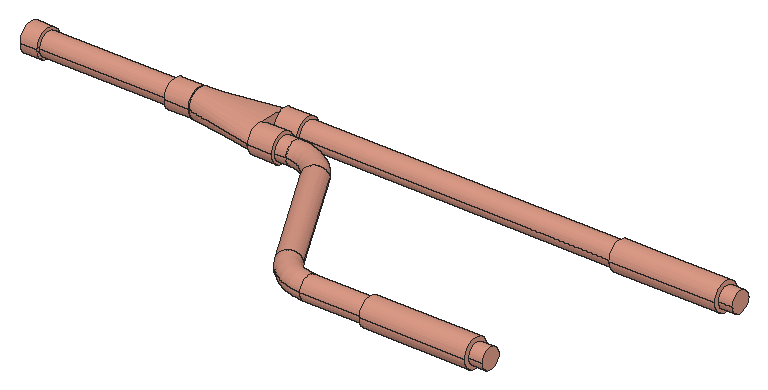
Revit family "outputfile", category 配管付属品, Revit 2024
Family settings
  丸型コネクタ寸法 = 半径を使用
  パーツ タイプ = 標準
  OmniClass 番号 = 23.65.55.00
  OmniClass タイトル = Distribution of Supplied Liquids/Gases
  作業面ベース = いいえ
  常に垂直 = はい
  ロード時にボイドで切り取り = いいえ
  共有 = いいえ
Parameters (values of type "BHRP26A22T")
  Description = ""
  製造元 = "Daikin"
  書き出し IFC クラス(タイプ) = "IfcPipeFittingType"
  定義済み IFC タイプ(タイプ) = "JUNCTION"
  Cost = 0
  Type Comments = ""
  Keynote = ""
  Type Image = (empty or 0)
  Assembly Code = ""
  mm⇔inch [instance] = yes
  l_InletPipe4 = 10.0 mm
  built-in parameter 1114242 [instance] = (empty or 0)
  Default Elevation = 0.0 mm
  モデル = "BHRP26A22T"
  table_StraightPipe [instance] = if(mm⇔inch, "Refnet Joint_BHRP26A-T_Liquid_StraightPipe", "Refnet Joint_BHRP26A-T_Liquid_StraightPipe_inch")  # "Refnet Joint_BHRP26A-T_Liquid_StraightPipe"
  table_BranchPipe [instance] = if(mm⇔inch, "Refnet Joint_BHRP26A-T_Liquid_BranchPipe", "Refnet Joint_BHRP26A-T_Liquid_BranchPipe_inch")  # "Refnet Joint_BHRP26A-T_Liquid_BranchPipe"
  table_Inlet [instance] = if(mm⇔inch, "Refnet Joint_BHRP26A-T_Liquid_Inlet", "Refnet Joint_BHRP26A-T_Liquid_Inlet_inch")  # "Refnet Joint_BHRP26A-T_Liquid_Inlet"
  switch_StraightPipe_Reducer [instance] = if(Is_StraightPipe Reducer = 1, 1 = 1, 1 = 0)  # no
  switch_StraightPipe3 [instance] = if(number_StraightPipe = 3, 1 = 1, 1 = 0)  # no
  switch_StraightPipe2 [instance] = if(number_StraightPipe < 2, 1 = 0, 1 = 1)  # yes
  switch_BranchPipe_Reducer [instance] = if(Is_BranchPipe Reducer = 1, 1 = 1, 1 = 0)  # no
  switch_BranchPipe3 [instance] = if(number_BranchPipe = 3, 1 = 1, 1 = 0)  # no
  switch_BranchPipe2 [instance] = if(number_BranchPipe < 2, 1 = 0, 1 = 1)  # yes
  switch_Inlet pipe_Reducer [instance] = if(Is_Inlet Reducer = 1, 1 = 1, 1 = 0)  # no
  switch_Inlet pipe3 [instance] = if(number_InletPipe = 3, 1 = 1, 1 = 0)  # no
  switch_Inlet pipe2 [instance] = if(number_InletPipe < 2, 1 = 0, 1 = 1)  # no
  Uniclass2015Version = "Products v1.31"
  Uniclass2015Title = "Copper pipe fittings"
  Uniclass2015Code = "Pr_65_52_63_18"
  URL = ""
  StraightPipe_Liquid_ActualDiameter [instance] = 6.4 mm
  Material_Piping = DAIKIN_Copper_Pipe
  Material_Insulation = DAIKIN_White_Insulation
  lw_Insulation [instance] = size_lookup(table_Inlet, "lw_Insulation", 38.0 mm, モデル)  # 38.0 mm
  Unit Type = "BHRP26A-T_Liquid"
  Tag No. [instance] = ""
  StraightPipe_Liquid_Status [instance] = size_lookup(table_StraightPipe, "Information", "The connected pipe size is not available.", モデル, StraightPipe_Liquid_ActualDiameter)  # "Default connector size is used."
  Link_Nested Family [instance] = ""
  Inlet_Liquid_Actual Diameter [instance] = 9.5 mm
  IfcVersion = ""
  IfcExportType = "JUNCTION"
  IfcExportAs = "IfcPipeFittingType"
  BranchPipe_Liquid_Status [instance] = size_lookup(table_BranchPipe, "Information", "The connected pipe size is not available.", モデル, BranchPipe_Liquid_ActualDiameter)  # "Default connector size is used."
  Inlet_Liquid_Status [instance] = size_lookup(table_Inlet, "Information", "The connected pipe size is not available.", モデル, Inlet_Liquid_Actual Diameter)  # "Default connector size is used."
  Series = "Refnet Joint"
  O.R_dividePipe_Inlet [instance] = (I.D_InletPipe1 + 2.0 mm) / 2  # 5.75 mm
  r_StraightPipe_Connector [instance] = StraightPipe_Liquid_ActualDiameter / 2  # 3.2 mm
  r_BranchPipe_Connector [instance] = BranchPipe_Liquid_ActualDiameter / 2  # 3.2 mm
  r_Inlet_Connector [instance] = Inlet_Liquid_Actual Diameter / 2  # 4.75 mm
  number_StraightPipe [instance] = size_lookup(table_StraightPipe, "pipeNumber", 2, モデル, StraightPipe_Liquid_ActualDiameter)  # 2
  number_BranchPipe [instance] = size_lookup(table_BranchPipe, "pipeNumber", 2, モデル, BranchPipe_Liquid_ActualDiameter)  # 2
  number_InletPipe [instance] = size_lookup(table_Inlet, "pipeNumber", 1, モデル, Inlet_Liquid_Actual Diameter)  # 1
  r_BranchPipeR [instance] = size_lookup(table_BranchPipe, "r_offsetPipeR", 18.0 mm, モデル, BranchPipe_Liquid_ActualDiameter)  # 18.0 mm
  l_BranchPipe_Straight2 [instance] = size_lookup(table_BranchPipe, "L_offsetPipe2", 25.5 mm, モデル)  # 25.5 mm
  l_BranchPipe_Straight1 [instance] = size_lookup(table_BranchPipe, "L_offsetPipe1", 5.0 mm, モデル)  # 5.0 mm
  l_BranchPipe connector [instance] = size_lookup(table_BranchPipe, "Length", 150.0 mm, モデル, BranchPipe_Liquid_ActualDiameter)  # 150.0 mm
  l_inlet connector [instance] = size_lookup(table_Inlet, "Length", 70.0 mm, モデル, Inlet_Liquid_Actual Diameter)  # 70.0 mm
  l_dividePipe [instance] = size_lookup(table_Inlet, "L_devidePipe", 30.0 mm, モデル)  # 30.0 mm
  l_StraightPipeReducer [instance] = size_lookup(table_StraightPipe, "L_Reducer", 80.0 mm, モデル, StraightPipe_Liquid_ActualDiameter)  # 80.0 mm
  l_StraightPipe3 [instance] = size_lookup(table_StraightPipe, "L_Pipe3", 2.0 mm, モデル)  # 2.0 mm
  l_StraightPipe2 [instance] = size_lookup(table_StraightPipe, "L_Pipe2", 6.0 mm, モデル)  # 6.0 mm
  l_StraightPipe1 [instance] = size_lookup(table_StraightPipe, "L_Pipe1", 44.0 mm, モデル)  # 44.0 mm
  l_StraightPipe0 [instance] = size_lookup(table_StraightPipe, "L_Pipe0", 130.0 mm, モデル)  # 130.0 mm
  l_StraightPipe connector [instance] = size_lookup(table_StraightPipe, "Length", 190.0 mm, モデル, StraightPipe_Liquid_ActualDiameter)  # 190.0 mm
  l_BranchPipe Reducer [instance] = size_lookup(table_BranchPipe, "L_Reducer", 50.0 mm, モデル, BranchPipe_Liquid_ActualDiameter)  # 50.0 mm
  l_BranchPipe3 [instance] = size_lookup(table_BranchPipe, "L_Pipe3", 2.0 mm, モデル)  # 2.0 mm
  l_BranchPipe2 [instance] = size_lookup(table_BranchPipe, "L_Pipe2", 6.0 mm, モデル)  # 6.0 mm
  l_BranchPipe1 [instance] = size_lookup(table_BranchPipe, "L_Pipe1", 44.0 mm, モデル)  # 44.0 mm
  l_BranchPipe0 [instance] = size_lookup(table_BranchPipe, "L_Pipe0", 90.0 mm, モデル)  # 90.0 mm
  l_InletReducer [instance] = size_lookup(table_Inlet, "L_Reducer", 80.0 mm, モデル, Inlet_Liquid_Actual Diameter)  # 80.0 mm
  l_InletPipe3 [instance] = size_lookup(table_Inlet, "L_Pipe3", 2.0 mm, モデル)  # 2.0 mm
  l_InletPipe2 [instance] = size_lookup(table_Inlet, "L_Pipe2", 2.0 mm, モデル)  # 2.0 mm
  l_InletPipe1 [instance] = size_lookup(table_Inlet, "L_Pipe1", 7.0 mm, モデル)  # 7.0 mm
  l_InletPipe0 [instance] = size_lookup(table_Inlet, "L_Pipe0", 53.0 mm, モデル)  # 53.0 mm
  center_StraightPipe [instance] = size_lookup(table_StraightPipe, "center_Pipe", 6.5 mm, モデル)  # 6.5 mm
  center_BranchPipe2 [instance] = size_lookup(table_BranchPipe, "center_OffsetPipe", 73.5 mm, モデル)  # 73.5 mm
  center_BranchPipe1 [instance] = size_lookup(table_BranchPipe, "center_Pipe", 6.5 mm, モデル)  # 6.5 mm
  StraightPipe_Liquid_AvailableDiameter [instance] = size_lookup(table_StraightPipe, "sizeVariation", "", モデル)  # "6.4/9.5mm"
  BranchPipe_Liquid_AvailableDiameter [instance] = size_lookup(table_BranchPipe, "sizeVariation", "", モデル)  # "6.4/9.5mm"
  Inlet_Liquid_Available Diameter [instance] = size_lookup(table_Inlet, "sizeVariation", "", モデル)  # "9.5mm"
  O.D_StraightPipe Reducer [instance] = size_lookup(table_StraightPipe, "O.D_reducer", 2.0 mm, モデル, StraightPipe_Liquid_ActualDiameter)  # 2.0 mm
  O.D_Offset Outlet Reducer [instance] = size_lookup(table_BranchPipe, "O.D_reducer", 2.0 mm, モデル, BranchPipe_Liquid_ActualDiameter)  # 2.0 mm
  O.D_Inlet Reducer [instance] = size_lookup(table_Inlet, "O.D_reducer", 2.0 mm, モデル, Inlet_Liquid_Actual Diameter)  # 2.0 mm
  Is_StraightPipe Reducer [instance] = size_lookup(table_StraightPipe, "IsReducer", 0, モデル, StraightPipe_Liquid_ActualDiameter)  # 0
  Is_BranchPipe Reducer [instance] = size_lookup(table_BranchPipe, "IsReducer", 0, モデル, BranchPipe_Liquid_ActualDiameter)  # 0
  Is_Inlet Reducer [instance] = size_lookup(table_Inlet, "IsReducer", 0, モデル, Inlet_Liquid_Actual Diameter)  # 0
  BranchPipe_Liquid_ActualDiameter [instance] = 6.4 mm
  Attach_Insulation [instance] = no
  I.D_StraightPipe3 [instance] = size_lookup(table_StraightPipe, "I.D_PipeSize3", 2.0 mm, モデル)  # 2.0 mm
  I.D_StraightPipe2 [instance] = size_lookup(table_StraightPipe, "I.D_PipeSize2", 6.4 mm, モデル)  # 6.4 mm
  I.D_StraightPipe1 [instance] = size_lookup(table_StraightPipe, "I.D_PipeSize1", 9.5 mm, モデル)  # 9.5 mm
  I.D_StraightPipe0 [instance] = size_lookup(table_StraightPipe, "I.D_PipeSize0", 7.5 mm, モデル)  # 7.5 mm
  I.D_BranchPipe3 [instance] = size_lookup(table_BranchPipe, "I.D_PipeSize3", 2.0 mm, モデル)  # 2.0 mm
  I.D_BranchPipe2 [instance] = size_lookup(table_BranchPipe, "I.D_PipeSize2", 6.4 mm, モデル)  # 6.4 mm
  I.D_BranchPipe1 [instance] = size_lookup(table_BranchPipe, "I.D_PipeSize1", 9.5 mm, モデル)  # 9.5 mm
  I.D_BranchPipe0 [instance] = size_lookup(table_BranchPipe, "I.D_PipeSize0", 7.5 mm, モデル)  # 7.5 mm
  I.D_Straight Reducer [instance] = size_lookup(table_StraightPipe, "I.D_reducer", 2.0 mm, モデル, StraightPipe_Liquid_ActualDiameter)  # 2.0 mm
  I.D_OutletPipe [instance] = size_lookup(table_Inlet, "I.D_OutletPipeSize", 9.6 mm, モデル, Inlet_Liquid_Actual Diameter)  # 9.6 mm
  I.D_Branch Reducer [instance] = size_lookup(table_BranchPipe, "I.D_reducer", 2.0 mm, モデル, BranchPipe_Liquid_ActualDiameter)  # 2.0 mm
  I.D_Inlet Reducer [instance] = size_lookup(table_Inlet, "I.D_reducer", 2.0 mm, モデル, Inlet_Liquid_Actual Diameter)  # 2.0 mm
  I.D_InletPipe3 [instance] = size_lookup(table_Inlet, "I.D_PipeSize3", 2.0 mm, モデル)  # 2.0 mm
  I.D_InletPipe2 [instance] = size_lookup(table_Inlet, "I.D_PipeSize2", 2.0 mm, モデル)  # 2.0 mm
  I.D_InletPipe1 [instance] = size_lookup(table_Inlet, "I.D_PipeSize1", 9.5 mm, モデル)  # 9.5 mm
  I.D_InletPipe0 [instance] = size_lookup(table_Inlet, "I.D_PipeSize0", 7.5 mm, モデル)  # 7.5 mm
Reference planes
  plane 1 "Center (Front/Back)": y = 0
  plane 2: z = 0
  plane 3 "base_left": x = 0
  plane 4: x = 2
  plane 5: x = 4
  plane 6: x = 11
  plane 7: x = 64
  plane 8: x = 74
  plane 9: x = 104
  plane 10: x = 114
  plane 11 "center_straight outlet": y = 6.5
  plane 12 "center2_offset outlet": y = -73.5
  plane 13 "center1_offset outlet": y = -6.5
  plane 14: x = 244
  plane 15: x = 288
  plane 16: x = 294
  plane 17: x = 204
  plane 18: x = 248
  plane 19: x = 254
  plane 20: x = 296
  plane 21: x = 256
  plane 22 "Reducer_straightoutlet": x = 254
  plane 23: x = 294
  plane 24: y = -12.25
  plane 25: z = 5.75
  plane 26 "Inlet_connector": x = 4
  plane 27 "Left_Insulation": x = 36
Forms (mm)
  SweptBlend 1, solid, material "DAIKIN_Copper_Pipe" <- "Material_Piping"
    path origin (0, 0, 0) x (1, 0, 0) y (0, 1, 0)
      loop
        line (74, 0) -> (104, 0)
    profile origin (74, 0, 0) x (0, 1, 0) y (0, 0, 1)
      loop
        circle (0, 0) r 5.75
    end profile origin (104, 0, 0) x (0, 1, 0) y (0, 0, 1)
      loop
        spline (-12.25, 0) -> (-11.833, -1.488) -> (-10.609, -2.875) -> (-8.662, -4.066) -> (-6.125, -4.98) -> (-3.171, -5.554) -> (0, -5.75) -> (3.171, -5.554) -> (6.125, -4.98) -> (8.662, -4.066) -> (10.609, -2.875) -> (11.833, -1.488) -> (12.25, 0)
        spline (12.25, 0) -> (11.833, 1.488) -> (10.609, 2.875) -> (8.662, 4.066) -> (6.125, 4.98) -> (3.171, 5.554) -> (0, 5.75) -> (-3.171, 5.554) -> (-6.125, 4.98) -> (-8.662, 4.066) -> (-10.609, 2.875) -> (-11.833, 1.488) -> (-12.25, 0)
Dimensions and locks
  "l_InletPipe3": plane 3 "base_left" to plane 4
  "l_InletPipe2": plane 4 to plane 5
  "l_InletPipe1": plane 5 to plane 6
  "l_InletPipe0": plane 6 to plane 7
  "l_InletPipe4": plane 7 to plane 8
  "center_StraightPipe": plane 1 "Center (Front/Back)" to plane 11 "center_straight outlet"
  "center_BranchPipe2": plane 12 "center2_offset outlet" to plane 1 "Center (Front/Back)"
  "center_BranchPipe1": plane 13 "center1_offset outlet" to plane 1 "Center (Front/Back)"
  "l_dividePipe": plane 8 to plane 9
  plane 9 to plane 10 = 10.0 mm
  "l_StraightPipe0": plane 10 to plane 14
  "l_BranchPipe0": plane 10 to plane 17
  "l_BranchPipe1": plane 17 to plane 18
  "l_BranchPipe2": plane 18 to plane 19
  "l_StraightPipe1": plane 14 to plane 15
  "l_StraightPipe2": plane 15 to plane 16
  "l_StraightPipe3": plane 16 to plane 20
  "l_BranchPipe3": plane 19 to plane 21
  "l_BranchPipe connector": plane 9 to plane 22 "Reducer_straightoutlet"
  "l_StraightPipe connector": plane 9 to plane 23
  "O.R_dividePipe_Inlet": plane 24 to plane 13 "center1_offset outlet"
  "O.R_dividePipe_Inlet": plane 25 to plane 2
  "l_inlet connector": plane 26 "Inlet_connector" to plane 8
  "lw_Insulation": plane 27 "Left_Insulation" to plane 8
  "O.R_dividePipe_Inlet": radius of SweptBlend 1 sketch curve
  aligned and locked: level to plane 2
  aligned and locked: plane 2 to nested 1
  aligned and locked: plane 3 "base_left" to nested 1
  aligned and locked: plane 1 "Center (Front/Back)" to nested 1
  aligned and locked: plane 4 to nested 2
  aligned and locked: plane 1 "Center (Front/Back)" to nested 2
  aligned and locked: plane 5 to nested 2
  aligned and locked: plane 5 to nested 3
  aligned and locked: plane 6 to nested 3
  aligned and locked: plane 6 to nested 4
  aligned and locked: nested 4 to plane 7
  aligned and locked: nested 5 to plane 7
  aligned and locked: nested 5 to plane 8
  aligned and locked: plane 8 to SweptBlend 1 sketch curve
  aligned and locked: plane 9 to SweptBlend 1 sketch curve
  aligned and locked: plane 2 to SweptBlend 1 sketch curve  (x2)
  aligned and locked: plane 1 "Center (Front/Back)" to SweptBlend 1 sketch curve  (x2)
  aligned and locked: nested 6 to plane 9
  aligned and locked: nested 7 to plane 9
  aligned and locked: nested 6 to plane 11 "center_straight outlet"
  aligned and locked: nested 7 to plane 13 "center1_offset outlet"
  aligned and locked: nested 7 to plane 10
  aligned and locked: nested 6 to plane 10
  aligned and locked: nested 8 to plane 10
  aligned and locked: plane 14 to nested 8
  aligned and locked: nested 8 to plane 11 "center_straight outlet"
  aligned and locked: plane 14 to nested 9
  aligned and locked: nested 9 to plane 11 "center_straight outlet"
  aligned and locked: plane 15 to nested 9
  aligned and locked: nested 10 to plane 11 "center_straight outlet"
  aligned and locked: plane 15 to nested 10
  aligned and locked: plane 16 to nested 10
  aligned and locked: nested 11 to plane 12 "center2_offset outlet"
  aligned and locked: plane 17 to nested 11
  aligned and locked: plane 18 to nested 11
  aligned and locked: nested 12 to plane 12 "center2_offset outlet"
  aligned and locked: plane 18 to nested 12
  aligned and locked: plane 19 to nested 12
  aligned and locked: nested 13 to plane 10
  aligned and locked: nested 13 to plane 13 "center1_offset outlet"
  aligned and locked: nested 13 to plane 12 "center2_offset outlet"
  aligned and locked: plane 8 to nested 14
  aligned and locked: plane 1 "Center (Front/Back)" to nested 14
  aligned and locked: plane 11 "center_straight outlet" to nested 15
  aligned and locked: nested 15 to plane 9
  aligned and locked: nested 16 to plane 9
  aligned and locked: plane 12 "center2_offset outlet" to nested 16
  aligned and locked: nested 17 to plane 1 "Center (Front/Back)"
  aligned and locked: plane 16 to nested 18
  aligned and locked: plane 20 to nested 18
  aligned and locked: plane 19 to nested 19
  aligned and locked: plane 21 to nested 19
  aligned and locked: nested 20 to plane 12 "center2_offset outlet"
  aligned and locked: plane 23 to nested 21
  aligned and locked: nested 21 to plane 11 "center_straight outlet"
  aligned and locked: plane 4 to nested 1
  aligned and locked: plane 24 to SweptBlend 1 sketch curve
  aligned and locked: plane 25 to SweptBlend 1 sketch curve
  aligned and locked: nested 19 to plane 12 "center2_offset outlet"
  aligned and locked: nested 18 to plane 11 "center_straight outlet"
  aligned and locked: nested 17 to plane 26 "Inlet_connector"
  aligned and locked: plane 22 "Reducer_straightoutlet" to nested 20
  aligned and locked: plane 27 "Left_Insulation" to nested 22
  aligned and locked: plane 1 "Center (Front/Back)" to nested 22
Automatic sketch dimensions
  plane 1 "Center (Front/Back)" to SweptBlend 1 sketch curve = 0.0 mm
Nested families
  nested 1: "daikin_Pipe" at (1, 0, 0), I.D_Pipe <- "I.D_InletPipe3", display <- "switch_Inlet pipe3", type "*"
    with length_Pipe 2.0 mm, display no, O.D_Pipe 4.0 mm, I.D_Pipe 2.0 mm
  nested 2: "daikin_Pipe" at (3, 0, 0), I.D_Pipe <- "I.D_InletPipe2", display <- "switch_Inlet pipe2", type "*"
    with length_Pipe 2.0 mm, display no, O.D_Pipe 4.0 mm, I.D_Pipe 2.0 mm
  nested 3: "daikin_Pipe" at (7.5, 0, 0), I.D_Pipe <- "I.D_InletPipe1", type "*"
    with length_Pipe 7.0 mm, display yes, O.D_Pipe 11.5 mm, I.D_Pipe 9.5 mm
  nested 4: "daikin_Pipe" at (37.5, 0, 0), I.D_Pipe <- "I.D_InletPipe0", type "*"
    with length_Pipe 53.0 mm, display yes, O.D_Pipe 9.5 mm, I.D_Pipe 7.5 mm
  nested 5: "daikin_Pipe" at (69, 0, 0), I.D_Pipe <- "I.D_InletPipe1", type "*"
    with length_Pipe 10.0 mm, display yes, O.D_Pipe 11.5 mm, I.D_Pipe 9.5 mm
  nested 6: "daikin_Pipe" at (109, 6.5, 0), I.D_Pipe <- "I.D_OutletPipe", type "*"
    with length_Pipe 10.0 mm, display yes, O.D_Pipe 11.6 mm, I.D_Pipe 9.6 mm
  nested 7: "daikin_Pipe" at (109, -6.5, 0), I.D_Pipe <- "I.D_OutletPipe", type "*"
    with length_Pipe 10.0 mm, display yes, O.D_Pipe 11.6 mm, I.D_Pipe 9.6 mm
  nested 8: "daikin_Pipe" at (179, 6.5, 0), I.D_Pipe <- "I.D_StraightPipe0", type "*"
    with length_Pipe 130.0 mm, display yes, O.D_Pipe 9.5 mm, I.D_Pipe 7.5 mm
  nested 9: "daikin_Pipe" at (266, 6.5, 0), I.D_Pipe <- "I.D_StraightPipe1", type "*"
    with length_Pipe 44.0 mm, display yes, O.D_Pipe 11.5 mm, I.D_Pipe 9.5 mm
  nested 10: "daikin_Pipe" at (291, 6.5, 0), I.D_Pipe <- "I.D_StraightPipe2", display <- "switch_StraightPipe2", type "*"
    with length_Pipe 6.0 mm, display yes, O.D_Pipe 8.4 mm, I.D_Pipe 6.4 mm
  nested 11: "daikin_Pipe" at (226, -73.5, 0), I.D_Pipe <- "I.D_BranchPipe1", type "*"
    with length_Pipe 44.0 mm, display yes, O.D_Pipe 11.5 mm, I.D_Pipe 9.5 mm
  nested 12: "daikin_Pipe" at (251, -73.5, 0), I.D_Pipe <- "I.D_BranchPipe2", display <- "switch_BranchPipe2", type "*"
    with length_Pipe 6.0 mm, display yes, O.D_Pipe 8.4 mm, I.D_Pipe 6.4 mm
  nested 13: "daikin_Pipe Ofsset" at (114, -6.5, 0), I.D_Pipe size <- "I.D_BranchPipe0", length_straight pipe1 <- "l_BranchPipe_Straight1", length_straight pipe2 <- "l_BranchPipe_Straight2", r_Pipe R <- "r_BranchPipeR", length_Pipe <- "l_BranchPipe0", type "*"
    with r_Pipe R 18.0 mm, length_straight pipe2 25.5 mm, length_straight pipe1 5.0 mm, length_offset center 67.0 mm, length_Pipe 90.0 mm, O.D_Pipe size 9.5 mm, I.D_Pipe size 7.5 mm
  nested 14: "daikin_connector_rotate2" at (74, 0, 0) x (0, -1, 0) z (0, 0, 1), length <- "l_inlet connector", type "daikin_connector_rotate2"
    with radius 5.0 mm, length 70.0 mm, angle_vertical 90.00°, locaton_mark no
  nested 15: "daikin_connector_rotate2" at (104, 6.5, 0) x (0, 1, 0) z (0, 0, 1), length <- "l_StraightPipe connector", type "daikin_connector_rotate2"
    with radius 5.0 mm, length 190.0 mm, angle_vertical 90.00°, locaton_mark no
  nested 16: "daikin_connector_rotate2" at (104, -73.5, 0) x (0, 1, 0) z (0, 0, 1), length <- "l_BranchPipe connector", type "daikin_connector_rotate2"
    with radius 5.0 mm, length 150.0 mm, angle_vertical 90.00°, locaton_mark no
  nested 17: "daikin_Pipe_reducer" at (44, 0, 0) x (-1, 0, 0) z (0, 0, 1), display <- "switch_Inlet pipe_Reducer", length_Pipe <- "l_InletReducer", I.D_Pipe1 <- "I.D_Inlet Reducer", O.D_Pipe2 <- "O.D_Inlet Reducer", type "*"
    with length_Pipe 80.0 mm, display no, O.D_Pipe2 2.0 mm, O.D_Pipe1 4.0 mm, I.D_Pipe2 0.0 mm, I.D_Pipe1 2.0 mm
  nested 18: "daikin_Pipe" at (295, 6.5, 0), I.D_Pipe <- "I.D_StraightPipe3", display <- "switch_StraightPipe3", type "*"
    with length_Pipe 2.0 mm, display no, O.D_Pipe 4.0 mm, I.D_Pipe 2.0 mm
  nested 19: "daikin_Pipe" at (255, -73.5, 0), I.D_Pipe <- "I.D_BranchPipe3", display <- "switch_BranchPipe3", type "*"
    with length_Pipe 2.0 mm, display no, O.D_Pipe 4.0 mm, I.D_Pipe 2.0 mm
  nested 20: "daikin_Pipe_reducer" at (229, -73.5, 0), I.D_Pipe1 <- "I.D_Branch Reducer", O.D_Pipe2 <- "O.D_Offset Outlet Reducer", length_Pipe <- "l_BranchPipe Reducer", display <- "switch_BranchPipe_Reducer", type "*"
    with length_Pipe 50.0 mm, display no, O.D_Pipe2 2.0 mm, O.D_Pipe1 4.0 mm, I.D_Pipe2 0.0 mm, I.D_Pipe1 2.0 mm
  nested 21: "daikin_Pipe_reducer" at (254, 6.5, 0), I.D_Pipe1 <- "I.D_Straight Reducer", O.D_Pipe2 <- "O.D_StraightPipe Reducer", length_Pipe <- "l_StraightPipeReducer", display <- "switch_StraightPipe_Reducer", type "*"
    with length_Pipe 80.0 mm, display no, O.D_Pipe2 2.0 mm, O.D_Pipe1 4.0 mm, I.D_Pipe2 0.0 mm, I.D_Pipe1 2.0 mm
  nested 22: "daikin_Insulation_RefnetJoint" at (36, 0, 0), I.D_Outlet PipeSize <- "I.D_OutletPipe", type "*"
    with h 41.6 mm, I.D_Outlet PipeSize 9.6 mm, display no
Connectors
  piping at (4, 0, 0), diameter 9.5, driven by "r_Inlet_Connector"
    settings: on nested 14, index 1, connector inside diameter 609.6 mm, connector length 0.0 mm, flow factor 0, pipe flow 0.00 m³/h, pressure drop 0.0 Pa, fitting loss kfactor 0, connector angle 0.00°, fixture units 0, engagement length 0.0 mm, angle of deflection 0.00°, flow configuration 0, flow direction 1, fitting loss method 0, system type 29, joint type 0, gender type 0, connector reference index -1, connector utility 0, adjustable connector no, is connector primary yes, connector description "Refnet Joint_Inlet_Liquid"
  piping at (254, -73.5, 0), diameter 6.4, driven by "r_BranchPipe_Connector"
    settings: on nested 16, index 2, connector inside diameter 609.6 mm, connector length 0.0 mm, flow factor 0, pipe flow 0.00 m³/h, pressure drop 0.0 Pa, fitting loss kfactor 0, connector angle 0.00°, fixture units 0, engagement length 0.0 mm, angle of deflection 0.00°, flow configuration 0, flow direction 2, fitting loss method 0, system type 29, joint type 0, gender type 0, connector reference index -1, connector utility 0, adjustable connector no, is connector primary no, connector description "Refnet Joint_Outlet Branch_Liquid"
  piping at (294, 6.5, 0), diameter 6.4, driven by "r_StraightPipe_Connector"
    settings: on nested 15, index 3, connector inside diameter 609.6 mm, connector length 0.0 mm, flow factor 0, pipe flow 0.00 m³/h, pressure drop 0.0 Pa, fitting loss kfactor 0, connector angle 0.00°, fixture units 0, engagement length 0.0 mm, angle of deflection 0.00°, flow configuration 0, flow direction 2, fitting loss method 0, system type 29, joint type 0, gender type 0, connector reference index -1, connector utility 0, adjustable connector no, is connector primary no, connector description "Refnet Joint_Outlet Straight_Liquid"
Definition of nested family "daikin_Pipe"
  Parameters (values of type "*")
    Default Elevation = 0.0 mm
    material = none
    length_Pipe [instance] = 150.0 mm
    display [instance] = yes
    O.D_Pipe [instance] = I.D_Pipe + 2.0 mm  # 27.0 mm
    I.D_Pipe [instance] = 25.0 mm
  Reference planes
    plane 1 "Center (Front/Back)": y = 0
    plane 2 "center(vertical)": z = 0
    plane 3 "Center (Left/Right)": x = 0
    plane 4 "left": x = -75
    plane 5 "right": x = 75
  Forms (mm)
    Extrusion 1, solid, material <- "material", visible <- "display"
      sketch origin (0, 0, 0) x (0, 1, 0) y (0, 0, 1)
        loop
          circle (0, 0) r 13.5
      from -75 to 75
  Dimensions and locks
    equal spacing: plane 4 "left", plane 3 "Center (Left/Right)", plane 5 "right"
    "length_Pipe": plane 4 "left" to plane 5 "right"
    "O.D_Pipe": diameter of Extrusion 1 sketch curve
    aligned and locked: level to plane 2 "center(vertical)"
    aligned and locked: plane 2 "center(vertical)" to Extrusion 1 sketch curve
    aligned and locked: plane 1 "Center (Front/Back)" to Extrusion 1 sketch curve
    aligned and locked: plane 5 "right" to Extrusion 1
    aligned and locked: Extrusion 1 to plane 4 "left"
Definition of nested family "daikin_Pipe Ofsset"
  Parameters (values of type "*")
    Default Elevation = 0.0 mm
    r_Pipe R [instance] = 18.0 mm
    material = none
    length_straight pipe2 [instance] = 25.5 mm
    length_straight pipe1 [instance] = 5.0 mm
    length_offset center [instance] = 67.5 mm
    length_Pipe [instance] = 90.0 mm
    O.D_Pipe size [instance] = I.D_Pipe size + 2.0 mm  # 12.0 mm
    I.D_Pipe size [instance] = 10.0 mm
  Reference planes
    plane 1 "Center (Front/Back)": y = 0
    plane 2: z = 0
    plane 3 "Center (Left/Right)": x = 0
    plane 4: y = -67.5
    plane 5: x = 90
    plane 6: x = 64.5
    plane 7: x = 5
  Forms (mm)
    Sweep 1, solid, material <- "material"
      path origin (0, 0, 0) x (1, 0, 0) y (0, 1, 0)
        loop
          line (0, 0) -> (5, 0)
          arc (5, 0) -> (14.03, -2.429) -> (20.623, -9.061) r 18
          line (20.623, -9.061) -> (48.877, -58.439)
          arc (48.877, -58.439) -> (55.47, -65.071) -> (64.5, -67.5) r 18
          line (64.5, -67.5) -> (90, -67.5)
      profile origin (2.5, 0, 0) x (0, 1, 0) y (0, 0, 1)
        loop
          circle (0, 0) r 6
  Dimensions and locks
    "length_offset center": plane 4 to plane 1 "Center (Front/Back)"
    "length_straight pipe1": plane 3 "Center (Left/Right)" to plane 7
    "length_Pipe": plane 3 "Center (Left/Right)" to plane 5
    "length_straight pipe2": plane 6 to plane 5
    "O.D_Pipe size": diameter of Sweep 1 sketch curve
    "r_Pipe R": radius of Sweep 1 sketch curve  (x2)
    aligned and locked: level to plane 2
    aligned and locked: plane 1 "Center (Front/Back)" to Sweep 1 sketch curve
    aligned and locked: profile plane to Sweep 1 sketch curve
    aligned and locked: plane 5 to Sweep 1 sketch curve
    aligned and locked: plane 7 to Sweep 1 sketch curve
    aligned and locked: plane 6 to Sweep 1 sketch curve
  Automatic sketch dimensions
    plane 1 "Center (Front/Back)" to Sweep 1 sketch curve = 0.0 mm
    Sweep 1 sketch curve to plane 3 "Center (Left/Right)" = 0.0 mm
    plane 4 to Sweep 1 sketch curve = 0.0 mm
Definition of nested family "daikin_connector_rotate2"
  Parameters (values of type "daikin_connector_rotate2")
    show_face = no
    radius [instance] = 10.0 mm
    locaton_mark = yes
    length [instance] = 600.0 mm
    d_surface = 10.0 mm
    angle_vertical [instance] = 90.00°
    Default Elevation = 0.0 mm
  Reference planes
    plane 1 "Center (Front/Back)": y = 0
    plane 2: z = 0
    plane 3 "Center (Left/Right)": x = 0
  Forms (mm)
    Extrusion 1, solid, visible <- "show_face"
      sketch origin (0, -600, 0) x (1, 0, 0) y (0, 0, 1)
        loop
          circle (0, 0) r 10
      from 0 to -10
  Lines and regions (mm)
    reference lines
      curve 1: line (0, 0, 0) -> (0, -600, 0)
    symbolic lines, visible <- "locaton_mark"
      curve 2: circle (0, 0, 0) r 5 normal (0, 0, 1)
    model lines, visible <- "show_face"
      curve 3: line (0, 0, 0) -> (0, -600, 0)
  Dimensions and locks
    "length": curve 1 to curve 1
    "length": curve 3 to curve 3
    "d_surface": Extrusion 1 to Extrusion 1
    "radius": radius of Extrusion 1 sketch curve
    "angle_vertical": angle curve 1 to plane 1 "Center (Front/Back)"
    "angle_vertical": angle curve 3 to plane 1 "Center (Front/Back)"
    aligned and locked: level to plane 2
    aligned and locked: plane 1 "Center (Front/Back)" to curve 1
    aligned and locked: plane 2 to curve 1
    aligned and locked: plane 1 "Center (Front/Back)" to curve 2
    aligned and locked: plane 3 "Center (Left/Right)" to curve 2
    aligned and locked: plane 1 "Center (Front/Back)" to curve 3
    aligned and locked: plane 2 to curve 3
    aligned and locked: Extrusion 1 to Extrusion 1
  Automatic sketch dimensions
    Extrusion 1 sketch curve to level = 0.0 mm
    Extrusion 1 sketch curve to plane 3 "Center (Left/Right)" = 0.0 mm
    radius of curve 2 = 5.0 mm
Definition of nested family "daikin_Pipe_reducer"
  Parameters (values of type "*")
    Default Elevation = 0.0 mm
    material = none
    length_Pipe [instance] = 250.0 mm
    display [instance] = yes
    O.D_Pipe2 [instance] = 19.1 mm
    O.D_Pipe1 [instance] = I.D_Pipe1 + 2.0 mm  # 24.2 mm
    I.D_Pipe2 [instance] = O.D_Pipe2 - 2.0 mm  # 17.1 mm
    I.D_Pipe1 [instance] = 22.2 mm
  Reference planes
    plane 1 "Center (Front/Back)": y = 0
    plane 2 "center(vertical)": z = 0
    plane 3 "Center (Left/Right)": x = 0
    plane 4 "connection": x = -125
    plane 5 "right": x = 113
    plane 6: x = 125
  Forms (mm)
    Extrusion 1, solid, material <- "material", visible <- "display"
      sketch origin (0, 0, 0) x (0, 1, 0) y (0, 0, 1)
        loop
          circle (0, 0) r 9.55
      from -125 to 113
    Extrusion 2, solid, material <- "material", visible <- "display"
      sketch origin (0, 0, 0) x (0, 1, 0) y (0, 0, 1)
        loop
          circle (0, 0) r 12.1
      from 113 to 125
  Dimensions and locks
    locked: plane 5 "right" to plane 6 at 12
    "length_Pipe": plane 4 "connection" to plane 6
    equal spacing: plane 4 "connection", plane 3 "Center (Left/Right)", plane 6
    "O.D_Pipe2": diameter of Extrusion 1 sketch curve
    "O.D_Pipe1": diameter of Extrusion 2 sketch curve
    aligned and locked: level to plane 2 "center(vertical)"
    aligned and locked: plane 2 "center(vertical)" to Extrusion 1 sketch curve
    aligned and locked: plane 1 "Center (Front/Back)" to Extrusion 1 sketch curve
    aligned and locked: plane 5 "right" to Extrusion 1
    aligned and locked: Extrusion 1 to plane 4 "connection"
    aligned and locked: plane 2 "center(vertical)" to Extrusion 2 sketch curve
    aligned and locked: plane 1 "Center (Front/Back)" to Extrusion 2 sketch curve
    aligned and locked: Extrusion 2 to plane 5 "right"
    aligned and locked: plane 6 to Extrusion 2
Definition of nested family "daikin_Insulation_RefnetJoint"
  Parameters (values of type "*")
    d_Insulation3_3 = size_lookup(table_Insulation, "d_Insulation3_3", 131.5 mm, Model)  # 64.0 mm
    d_Insulation2_2 = size_lookup(table_Insulation, "d_Insulation2_2", 79.0 mm, Model)  # 30.0 mm
    d_Insulation1_1 = size_lookup(table_Insulation, "d_Insulation1_1", 56.0 mm, Model)  # 22.0 mm
    Default Elevation = 0.0 mm
    Model = "BHRP26A22T"
    w_Insulation5 = size_lookup(table_Insulation, "w_Insulation5", 212.0 mm, Model)  # 153.0 mm
    w_Insulation4 = size_lookup(table_Insulation, "w_Insulation4", 67.0 mm, Model)  # 48.6 mm
    w_Insulation3 = size_lookup(table_Insulation, "w_Insulation3", 34.7 mm, Model)  # 22.3 mm
    w_Insulation2 = size_lookup(table_Insulation, "w_Insulation2", 80.0 mm, Model)  # 37.5 mm
    w_Insulation1 = size_lookup(table_Insulation, "w_Insulation1", 22.0 mm, Model)  # 1.0 mm
    table_Insulation = "Refnet Joint_BHRP26A-T_Liquid_Insulation"  # constant formula
    material = none
    h [instance] = (I.D_Outlet PipeSize + 2.0 mm) + 30.0 mm  # 47.0 mm
    display = yes
    d_Insulation3 = size_lookup(table_Insulation, "d_Insulation3", 131.5 mm, Model)  # 63.0 mm
    d_Insulation2 = size_lookup(table_Insulation, "d_Insulation2", 79.0 mm, Model)  # 32.0 mm
    d_Insulation1 = size_lookup(table_Insulation, "d_Insulation1", 56.0 mm, Model)  # 24.0 mm
    I.D_Outlet PipeSize [instance] = 15.0 mm
  Reference planes
    plane 1 "Center (Front/Back)": y = 0
    plane 2: z = 0
    plane 3 "Left": x = 0
    plane 4 "top": z = 23.5
    plane 5 "bottom": z = -23.5
    plane 6: x = 1
    plane 7: x = 37.5
    plane 8: y = 22
    plane 9: y = -24
    plane 10: y = 30
    plane 11: y = -32
    plane 12: y = -97
    plane 13: x = 153
    plane 14: y = -34
    plane 15: x = 59.8
    plane 16: x = 104.4
  Forms (mm)
    Extrusion 1, solid, material <- "material", visible <- "display"
      sketch origin (-21, 0, 0) x (1, 0, 0) y (0, 1, 0)
        loop
          line (22, 22) -> (21, 22) -> (21, -24) -> (22, -24) -> (58.5, -32) -> (80.8, -32) -> (125.4, -97) -> (174, -97) -> (174, -51) -> (164.5, -51)
          arc (164.5, -51) -> (147.5, -34) -> (164.5, -17) r 17
          line (164.5, -17) -> (174, -17) -> (174, 30) -> (58.5, 30) -> (22, 22)
      from -23.5 to 23.5
  Dimensions and locks
    equal spacing: plane 4 "top", plane 2, plane 5 "bottom"
    "h": plane 4 "top" to plane 5 "bottom"
    "w_Insulation1": plane 3 "Left" to plane 6
    "w_Insulation2": plane 3 "Left" to plane 7
    "w_Insulation5": plane 3 "Left" to plane 13
    "w_Insulation3": plane 7 to plane 15
    "w_Insulation4": plane 16 to plane 13
    "d_Insulation1": plane 1 "Center (Front/Back)" to plane 9
    "d_Insulation1_1": plane 8 to plane 1 "Center (Front/Back)"
    "d_Insulation2": plane 1 "Center (Front/Back)" to plane 11
    "d_Insulation2_2": plane 10 to plane 1 "Center (Front/Back)"
    "d_Insulation3_3": plane 10 to plane 14
    "d_Insulation3": plane 14 to plane 12
    Extrusion 1 sketch curve to plane 14 to Extrusion 1 sketch curve = 17.0 mm locked, 17.0 mm locked
    aligned and locked: level to plane 2
    aligned and locked: Extrusion 1 to plane 5 "bottom"
    aligned and locked: plane 4 "top" to Extrusion 1
    aligned and locked: plane 6 to Extrusion 1  (x2)
    aligned and locked: plane 7 to Extrusion 1  (x2)
    aligned and locked: plane 6 to Extrusion 1 sketch curve
    aligned and locked: Extrusion 1 sketch curve to plane 11
    aligned and locked: plane 7 to Extrusion 1 sketch curve  (x2)
    aligned and locked: Extrusion 1 sketch curve to plane 10
    aligned and locked: Extrusion 1 sketch curve to plane 12
    aligned and locked: Extrusion 1 sketch curve to plane 13  (x2)
    aligned and locked: plane 16 to Extrusion 1 sketch curve
    aligned and locked: plane 15 to Extrusion 1 sketch curve
  Automatic sketch dimensions
    Extrusion 1 sketch curve to plane 3 "Left" = 0.0 mm
    Extrusion 1 sketch curve to plane 6 = 0.0 mm
    Extrusion 1 sketch curve to plane 9 = 0.0 mm
    Extrusion 1 sketch curve to plane 8 = 0.0 mm
    Extrusion 1 sketch curve to plane 13 = 9.5 mm
